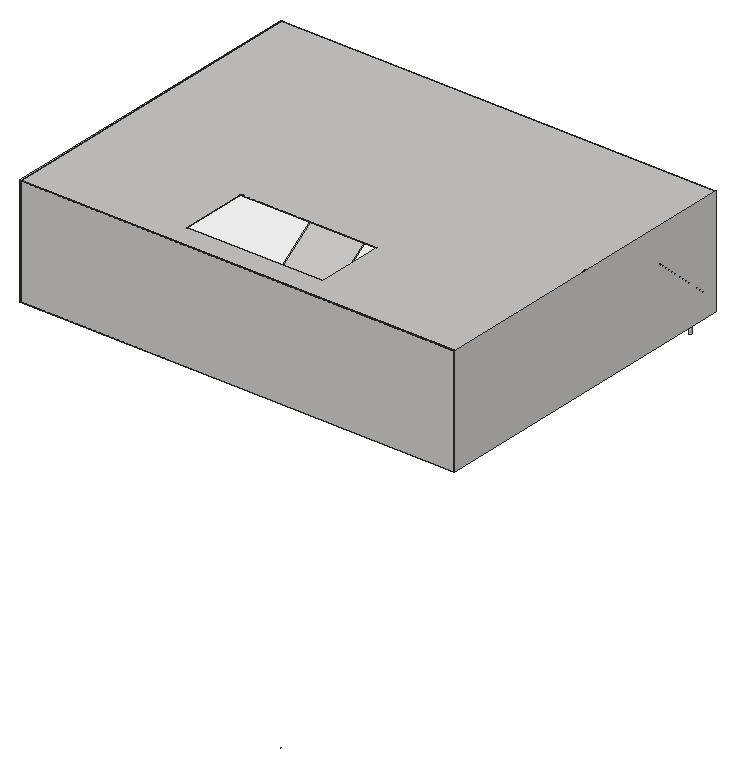
Revit family "QF_ELECTROLUXPROFESSIONAL_640189_EPF1216", category Attrezzature speciali, Revit 2021
Family settings
  Quota connettore circolare = Usa diametro
  Tipo di parte = Normale
  Basato su piano di lavoro = No
  Sempre verticale = Sì
  Taglio con vuoti quando caricato = No
  Condiviso = No
  Punto di calcolo locali = No
Parameters (values of type "Standard")
  Weight = 40.00 kg
  Watts = 0 W
  Volts = 0 V
  URL Manufacturer = "https://www.electroluxprofessional.com/"
  URL = "https://www.electroluxprofessional.com/"
  Steam Supply Size = 0 mm
  Steam Supply Minimum Pressure = 0.0 Pa
  Steam Supply Maximum Pressure = 0.0 Pa
  Steam Consumption per Hour = 0
  Refrigeration Suction Line Size = 0 mm
  Refrigeration Liquid Line Size = 0 mm
  Refrigerant Compressor Remote = yes
  Prospetto di default = 0 mm
  Produttore = "Electrolux Professional"
  Phase = 0
  Modello = "EPF1216"
  Length Actual = 1600 mm  # constant formula
  Item Number = "640189"
  Hot Water Size = 0 mm
  Height Actual = 400 mm  # constant formula
  HP = "0 HP"
  Gas Size = 0 mm
  Gas KW = 0
  Gas Input Pressure = 0 W
  Direct Waste Size = 0 mm
  Descrizione = "304 S/S WALL HOOD+FILTERS 160X120 CM"
  Depth Actual = 1200 mm  # constant formula
  Cycle = 0 Hz
  Condensate Return Size = 0 mm
  Compressed Air Volume = 0.0 L/s
  Compressed Air Size = 0 mm
  Compressed Air Pressure = 0.0 Pa
  Cold Water Size = 0 mm
  Accessory = yes
Reference planes
  plane 1: z = 0
  plane 2 "Center (Left/Right)": x = 150
  plane 3 "LEFT": x = -650
  plane 4 "RIGHT": x = 950
  plane 5 "BACK": y = 550
  plane 6 "TOP": z = 2400
  plane 7 "Base": z = 2000
  plane 8: z = 1970
  plane 9 "DrainY": y = 450
  plane 10: x = -647
  plane 11: y = -320
  plane 12: y = -570
  plane 13 "DrainX": x = 937
  plane 14 "AOLeft": x = -100
  plane 15 "AORight": x = 400
  plane 16: x = 947
  plane 17: x = -450
  plane 18: x = 750
  plane 19 "Center (Front/Back)": y = -50
  plane 20 "Front": y = -650
  plane 21: through (0, -49.6, 2399.19) normal (0, -0.5736, 0.8192)
  plane 22: x = 50
  plane 23: x = 250
Forms (mm)
  Extrusion 1, solid, material "QF_Finishes_Stainless Steel"
    sketch origin (-650, 0, 360) x (0, 1, 0) y (0, 0, 1)
      loop
        line (550, 1640) -> (550, 2040) -> (-650, 2040) -> (-650, 1640) -> (550, 1640)
    from 0 to 3
  Extrusion 2, solid, material "QF_Finishes_Stainless Steel"
    sketch origin (950, 0, 360) x (0, 1, 0) y (0, 0, 1)
      loop
        line (550, 1640) -> (550, 2040) -> (-650, 2040) -> (-650, 1640) -> (550, 1640)
    from 0 to -3
  Extrusion 3, solid, material "QF_Finishes_Stainless Steel"
    sketch origin (150, 0, 360) x (0, 1, 0) y (0, 0, 1)
      loop
        line (-650, 2040) -> (-650, 1640) -> (-640, 1640) -> (-640, 1640.8) -> (-649.2, 1640.8) -> (-649.2, 2039.19) -> (549.2, 2039.19) -> (549.2, 1640.8) -> (540, 1640.8) -> (540, 1640) -> (550, 1640) -> (550, 2040) -> (-650, 2040)
    from -800 to 800
  Extrusion 4, solid, material "QF_Finishes_Stainless Steel"
    sketch origin (0, 0, 2000) x (0, 1, 0) y (-1, 0, 0)
      loop
        circle (450, -937) r 4.763
    from -30 to 0
  Extrusion 5, void
    sketch origin (0, 0, 2400) x (0, 1, 0) y (-1, 0, 0)
      loop
        line (-320, -400) -> (-320, 100) -> (-570, 100) -> (-570, -400) -> (-320, -400)
    from 0 to -10
  Extrusion 6, solid, material "QF_Finishes_Stainless Steel"
    sketch origin (0, 0, 0) x (1, 0, 0) y (0, 1, 0)
      loop
        line (-650, 550) -> (-650, 549) -> (-649, 549) -> (-649, 550) -> (-650, 550)
    from 0 to 1
  Extrusion 7, solid, material "QF_Finishes_Stainless Steel"
    sketch origin (150, 0, 360) x (0, 1, 0) y (0, 0, 1)
      loop
        line (-131.515, 1981.832) -> (-134.381, 1985.926) -> (-573.276, 1678.608) -> (-570.553, 1674.415) -> (-131.515, 1981.832)
    from -600 to -797
  Extrusion 8, solid, material "QF_Finishes_Stainless Steel"
    sketch origin (150, 0, 360) x (0, 1, 0) y (0, 0, 1)
      loop
        line (-650, 2039.19) -> (-650, 1640) -> (-619.702, 1640) -> (-570.553, 1674.415) -> (-578.723, 1686.995) -> (-579.394, 1686.559) -> (-571.645, 1674.627) -> (-619.955, 1640.8) -> (-649.2, 1640.8) -> (-649.2, 2039.19) -> (-650, 2039.19)
      loop
        line (-49.6, 2039.19) -> (-50.995, 2039.19) -> (-131.319, 1982.947) -> (-139.464, 1994.578) -> (-140.119, 1994.12) -> (-131.515, 1981.832) -> (-49.6, 2039.19)
    from -797 to 797
  Extrusion 9, solid, material "QF_Finishes_Stainless Steel"
    sketch origin (150, 0, 360) x (0, 1, 0) y (0, 0, 1)
      loop
        line (-131.515, 1981.832) -> (-134.381, 1985.926) -> (-573.276, 1678.608) -> (-570.553, 1674.415) -> (-131.515, 1981.832)
    from 797 to 600
  Extrusion 10, solid, material "QF_Finishes_Stainless Steel"
    sketch origin (150, 0, 360) x (0, 1, 0) y (0, 0, 1)
      loop
        line (-131.515, 1981.832) -> (-134.381, 1985.926) -> (-573.276, 1678.608) -> (-570.553, 1674.415) -> (-131.515, 1981.832)
    from -100 to 100
  Extrusion 11, solid, material "QF_Finished_Chrome"
    sketch origin (150, 0, 360) x (0, 1, 0) y (0, 0, 1)
      loop
        line (-131.515, 1981.832) -> (-134.381, 1985.926) -> (-573.276, 1678.608) -> (-570.553, 1674.415) -> (-131.515, 1981.832)
    from -600 to -100
  Extrusion 12, solid, material "QF_Finished_Chrome"
    sketch origin (150, 0, 360) x (0, 1, 0) y (0, 0, 1)
      loop
        line (-131.515, 1981.832) -> (-134.381, 1985.926) -> (-573.276, 1678.608) -> (-570.553, 1674.415) -> (-131.515, 1981.832)
    from 100 to 600
  Sweep 13, solid, material "QF_Finishes_Stainless Steel"
    path origin (0, 0, 0) x (1, 0, 0) y (0, 1, 0)
      loop
        line (950, 550) -> (-650, 550) -> (-650, -650) -> (950, -650) -> (950, 550)
    profile origin (950, -50, 0) x (1, 0, 0) y (0, 0, 1)
      loop
        line (-3, 2000) -> (-3, 2000.8) -> (-19, 2000.8) -> (-19, 2010) -> (-20, 2010) -> (-20, 2000) -> (-3, 2000)
  Extrusion 14, solid, material "QF_Finishes_Stainless Steel"
    sketch origin (150, 0, 0) x (0, 1, 0) y (0, 0, 1)
      loop
        line (549.2, 2040.8) -> (549.2, 2041.877) -> (289.521, 2275.693) -> (-43.438, 2399.19) -> (-45.739, 2399.19) -> (289.099, 2274.996) -> (549.2, 2040.8)
    from -797 to 797
Cuts and joins
  Extrusion 5 cuts Extrusion 3
  joined: Extrusion 2, Extrusion 3, Sweep 13
Lines and regions (mm)
  symbolic lines, style "SpecialityEquipment", detail levels coarse
    curve 1: line (950, 550, 2400) -> (-650, 550, 2400)
    curve 2: line (-650, 550, 2400) -> (-650, -650.8, 2400)
    curve 3: line (950, -650.8, 2400) -> (950, 550, 2400)
    curve 4: line (-650, -650.8, 2400) -> (950, -650.8, 2400)
    curve 5: line (400, -570, 2400) -> (-100, -570, 2400)
    curve 6: line (400, -320, 2400) -> (400, -570, 2400)
    curve 7: line (-100, -320, 2400) -> (400, -320, 2400)
    curve 8: line (-100, -570, 2400) -> (-100, -320, 2400)
    curve 9: line (-650, 550, 0) -> (950, -650.8, 0)
    curve 10: line (950, 550, 0) -> (-650, -650.8, 0)
Dimensions and locks
  plane 3 "LEFT" to plane 4 "RIGHT" = 1600 mm
  equal spacing: plane 3 "LEFT", plane 2 "Center (Left/Right)", plane 4 "RIGHT"
  plane 7 "Base" to plane 8 = 30 mm
  plane 5 "BACK" to plane 9 "DrainY" = 100 mm  (x2)
  plane 3 "LEFT" to plane 10 = 3 mm
  plane 13 "DrainX" to plane 4 "RIGHT" = 13 mm
  plane 16 to plane 4 "RIGHT" = 3 mm
  plane 3 "LEFT" to plane 17 = 200 mm
  plane 18 to plane 4 "RIGHT" = 200 mm
  locked: plane 14 "AOLeft" to plane 15 "AORight" at 500
  equal spacing: plane 14 "AOLeft", plane 2 "Center (Left/Right)", plane 15 "AORight"
  locked: plane 7 "Base" to level at 2000
  locked: plane 6 "TOP" to plane 7 "Base" at 400
  plane 5 "BACK" to plane 20 "Front" = 1200 mm  (x2)
  equal spacing: plane 5 "BACK", plane 19 "Center (Front/Back)", plane 20 "Front"
  locked: plane 22 to plane 23 at 200
  equal spacing: plane 22, plane 2 "Center (Left/Right)", plane 23
  plane 12 to plane 20 "Front" = 80 mm
  locked: plane 11 to plane 12 at 250
  aligned and locked: level to plane 1
  aligned and locked: plane 4 "RIGHT" to Extrusion 3
  aligned and locked: Extrusion 3 to plane 3 "LEFT"
  aligned and locked: Extrusion 5 to plane 14 "AOLeft"
  aligned and locked: Extrusion 5 to plane 12
  aligned and locked: Extrusion 5 to plane 11
  aligned and locked: Extrusion 7 to plane 10
  aligned and locked: Extrusion 7 to plane 17
  aligned and locked: Extrusion 2 to plane 16
  aligned and locked: Extrusion 5 to plane 15 "AORight"
  aligned and locked: plane 15 "AORight" to curve 6
  aligned and locked: plane 16 to Extrusion 9
  aligned and locked: plane 18 to Extrusion 9
  aligned and locked: plane 23 to Extrusion 10
  aligned and locked: Extrusion 10 to plane 22
  aligned and locked: plane 22 to Extrusion 11
  aligned and locked: Extrusion 11 to plane 17
  aligned and locked: Extrusion 12 to plane 23
  aligned and locked: Extrusion 12 to plane 18
  aligned and locked: Extrusion 14 to plane 10
  aligned and locked: plane 16 to Extrusion 14
  aligned and locked: Extrusion 8 to plane 10
  aligned and locked: plane 16 to Extrusion 8
Automatic sketch dimensions
  curve 4 to plane 4 "RIGHT" = 0 mm
  curve 2 to plane 3 "LEFT" = 0 mm
  curve 5 to plane 12 = 0 mm
  plane 11 to curve 7 = 0 mm
  curve 2 to plane 5 "BACK" = 0 mm
  curve 5 to plane 14 "AOLeft" = 0 mm
  curve 4 to plane 20 "Front" = 0.8 mm
  Extrusion 1 sketch curve to plane 7 "Base" = 0 mm
  Extrusion 1 sketch curve to plane 20 "Front" = 0 mm
  Extrusion 1 sketch curve to plane 5 "BACK" = 0 mm
  Extrusion 1 sketch curve to plane 6 "TOP" = 0 mm
  Extrusion 2 sketch curve to plane 7 "Base" = 0 mm
  Extrusion 2 sketch curve to plane 20 "Front" = 0 mm
  Extrusion 2 sketch curve to plane 5 "BACK" = 0 mm
  Extrusion 2 sketch curve to plane 6 "TOP" = 0 mm
  Extrusion 3 sketch curve to plane 6 "TOP" = 0 mm
  Extrusion 3 sketch curve to plane 20 "Front" = 0 mm
  Extrusion 3 sketch curve to plane 7 "Base" = 0 mm  (x2)
  Extrusion 3 sketch curve to plane 5 "BACK" = 0 mm
  plane 20 "Front" to Extrusion 3 sketch curve = 0.8 mm
  Extrusion 3 sketch curve to Extrusion 3 sketch curve = 9.2 mm
  plane 7 "Base" to Extrusion 3 sketch curve = 0.8 mm  (x2)
  Extrusion 3 sketch curve to plane 5 "BACK" = 10 mm
  Extrusion 3 sketch curve to plane 5 "BACK" = 0.8 mm
  Extrusion 3 sketch curve to plane 6 "TOP" = 0.81 mm
  Extrusion 4 sketch curve to plane 9 "DrainY" = 0 mm
  Extrusion 4 sketch curve to plane 13 "DrainX" = 0 mm
  Extrusion 5 sketch curve to plane 12 = 0 mm
  plane 11 to Extrusion 5 sketch curve = 0 mm
  Extrusion 5 sketch curve to plane 15 "AORight" = 0 mm
  Extrusion 5 sketch curve to plane 14 "AOLeft" = 0 mm
  Extrusion 6 sketch curve to plane 3 "LEFT" = 0 mm
  Extrusion 6 sketch curve to plane 5 "BACK" = 0 mm
  plane 3 "LEFT" to Extrusion 6 sketch curve = 1 mm
  Extrusion 6 sketch curve to Extrusion 6 sketch curve = 1 mm
  Extrusion 7 sketch curve to plane 21 = 0 mm  (x2)
  plane 20 "Front" to Extrusion 7 sketch curve = 76.724 mm
  plane 7 "Base" to Extrusion 7 sketch curve = 34.415 mm
  Extrusion 7 sketch curve to plane 6 "TOP" = 54.074 mm
  Extrusion 7 sketch curve to plane 19 "Center (Front/Back)" = 84.381 mm
  Extrusion 8 sketch curve to plane 20 "Front" = 0 mm
  Extrusion 8 sketch curve to plane 7 "Base" = 0 mm
  Extrusion 8 sketch curve to plane 21 = 0 mm  (x4)
  plane 20 "Front" to Extrusion 8 sketch curve = 0.8 mm
  Extrusion 8 sketch curve to Extrusion 8 sketch curve = 0.252 mm
  Extrusion 8 sketch curve to Extrusion 8 sketch curve = 40.561 mm
  plane 7 "Base" to Extrusion 8 sketch curve = 46.995 mm
  Extrusion 8 sketch curve to Extrusion 8 sketch curve = 0.671 mm
  plane 7 "Base" to Extrusion 8 sketch curve = 34.627 mm
  Extrusion 8 sketch curve to Extrusion 8 sketch curve = 7.749 mm
  Extrusion 8 sketch curve to plane 6 "TOP" = 45.88 mm
  Extrusion 8 sketch curve to plane 19 "Center (Front/Back)" = 90.119 mm
  Extrusion 8 sketch curve to plane 6 "TOP" = 45.422 mm
  Extrusion 8 sketch curve to plane 6 "TOP" = 57.053 mm
  Extrusion 8 sketch curve to plane 6 "TOP" = 0.81 mm  (x2)
  plane 7 "Base" to Extrusion 8 sketch curve = 0.8 mm
  Extrusion 9 sketch curve to plane 21 = 0 mm  (x2)
  plane 20 "Front" to Extrusion 9 sketch curve = 76.724 mm
  plane 7 "Base" to Extrusion 9 sketch curve = 34.415 mm
  Extrusion 9 sketch curve to plane 6 "TOP" = 54.074 mm
  Extrusion 9 sketch curve to plane 19 "Center (Front/Back)" = 84.381 mm
  Extrusion 10 sketch curve to plane 21 = 0 mm  (x2)
  plane 20 "Front" to Extrusion 10 sketch curve = 76.724 mm
  plane 7 "Base" to Extrusion 10 sketch curve = 34.415 mm
  Extrusion 10 sketch curve to plane 6 "TOP" = 54.074 mm
  Extrusion 10 sketch curve to plane 19 "Center (Front/Back)" = 84.381 mm
  Extrusion 11 sketch curve to plane 21 = 0 mm  (x2)
  plane 20 "Front" to Extrusion 11 sketch curve = 76.724 mm
  plane 7 "Base" to Extrusion 11 sketch curve = 34.415 mm
  Extrusion 11 sketch curve to plane 6 "TOP" = 54.074 mm
  Extrusion 11 sketch curve to plane 19 "Center (Front/Back)" = 84.381 mm
  Extrusion 12 sketch curve to plane 21 = 0 mm  (x2)
  plane 20 "Front" to Extrusion 12 sketch curve = 76.724 mm
  plane 7 "Base" to Extrusion 12 sketch curve = 34.415 mm
  Extrusion 12 sketch curve to plane 6 "TOP" = 54.074 mm
  Extrusion 12 sketch curve to plane 19 "Center (Front/Back)" = 84.381 mm
  Sweep 13 sketch curve to plane 3 "LEFT" = 0 mm
  Sweep 13 sketch curve to plane 4 "RIGHT" = 0 mm
  Sweep 13 sketch curve to plane 20 "Front" = 0 mm
  Sweep 13 sketch curve to plane 5 "BACK" = 0 mm
  profile plane to Sweep 13 sketch curve = 20 mm
  Sweep 13 sketch curve to Sweep 13 sketch curve = 1 mm
  profile plane to Sweep 13 sketch curve = 3 mm
  level to Sweep 13 sketch curve = 2000 mm
  Sweep 13 sketch curve to Sweep 13 sketch curve = 0.8 mm
  Sweep 13 sketch curve to Sweep 13 sketch curve = 9.2 mm
  Extrusion 14 sketch curve to plane 9 "DrainY" = 160.901 mm
  Extrusion 14 sketch curve to Extrusion 14 sketch curve = 0.422 mm
  Extrusion 14 sketch curve to plane 5 "BACK" = 0.8 mm
  plane 7 "Base" to Extrusion 14 sketch curve = 40.8 mm
  Extrusion 14 sketch curve to Extrusion 14 sketch curve = 1.077 mm
  Extrusion 14 sketch curve to plane 6 "TOP" = 125.004 mm
  Extrusion 14 sketch curve to Extrusion 14 sketch curve = 0.697 mm
  Extrusion 14 sketch curve to plane 6 "TOP" = 0.81 mm
  plane 19 "Center (Front/Back)" to Extrusion 14 sketch curve = 6.562 mm
  Extrusion 14 sketch curve to Extrusion 14 sketch curve = 2.3 mm
  Extrusion 14 sketch curve to Extrusion 14 sketch curve = 0 mm
  curve 10 to plane 3 "LEFT" = 0 mm
  curve 9 to plane 3 "LEFT" = 0 mm
  curve 10 to plane 4 "RIGHT" = 0 mm
  curve 9 to plane 4 "RIGHT" = 0 mm
  curve 10 to plane 5 "BACK" = 0 mm
  curve 9 to plane 5 "BACK" = 0 mm
  curve 10 to plane 20 "Front" = 0.8 mm
  curve 9 to plane 20 "Front" = 0.8 mm
  radius of Extrusion 4 sketch curve = 4.763 mm
Connectors
  piping at (937, 450, 1970), diameter 9.5
    settings: on Extrusion 4, index 1, connector inside diameter 609.6 mm, connector length 0 mm, flow factor 0, pipe flow 0.0 L/s, pressure drop 0.0 Pa, fitting loss kfactor 0, connector angle 0.00°, fixture units 0, engagement length 0 mm, angle of deflection 0.00°, flow configuration 1, flow direction 2, fitting loss method 0, system type 16, joint type 0, gender type 0, connector reference index -1, connector utility 0, adjustable connector no, is connector primary yes, connector description "Drain"
  hvac at (150, -445, 2400)
    settings: on Extrusion 5, index 2, duct flow 0.0 L/s, flow factor 0, pres drop 0.0 Pa, loss coef 0, conn angle 0.00°, conn width 250 mm, conn height 500 mm, conn diameter 609.6 mm, duct sys type 3, conn prof type 1, flow config 1, flow direction 0, loss method 0, conn ref index -1, conn util no, is conn primary yes, conn desc "EXHAUST OUTLET"
